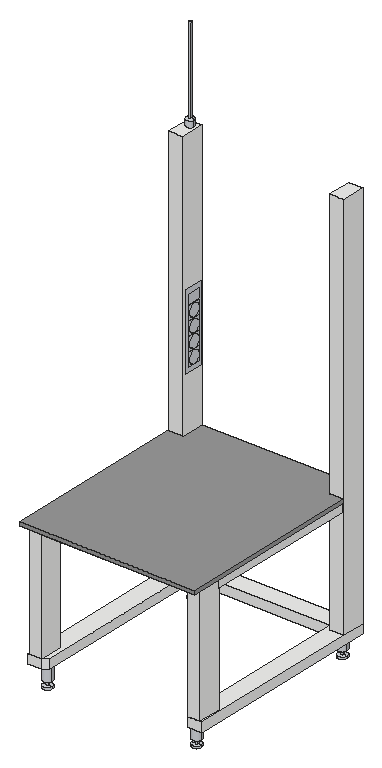
Revit family "HPLC_BARCELONA", category Furniture, Revit 2021
Family settings
  OmniClass Number = 23.40.20.00
  OmniClass Title = General Furniture and Specialties
  Work Plane-Based = No
  Always vertical = Yes
  Cut with Voids When Loaded = No
  Shared = No
  Room Calculation Point = No
Parameters (values of type "HPLCB-7590618")
  WT_THICK = 16 mm
  WT_MATERIAL = Plástico, blanco opaco
  WTheight_real = WTheight_nominal - 16 mm  # 634 mm
  WTheight_nominal = 650 mm
  URL = "https://ibr-innovasystem.com/PRODUCTS/WSHPLCBARCELONA"
  UB_SHELF [instance] = no
  UBS_9 [instance] = and(FIXED, UB_SHELF, Length = 900 mm)  # no
  UBS_7 [instance] = and(FIXED, UB_SHELF, Length = 750 mm)  # no
  UBS_15 [instance] = and(FIXED, UB_SHELF, Length = 1500 mm)  # no
  UBS_12 [instance] = and(FIXED, UB_SHELF, Length = 1200 mm)  # no
  SHELF_PROJECTION [instance] = if(or(SHELF_LEVEL_1, SHELF_LEVEL_2, RETAINING_SHELF), 1 = 1, 1 = 0)  # no
  SH3-7 [instance] = and(RETAINING_SHELF, Length = 750 mm)  # no
  RETAINING_SHELF [instance] = no
  SHELF_LEVEL_2 = no
  SHELF_LEVEL_1 = no
  SH3-9 [instance] = and(RETAINING_SHELF, Length = 900 mm)  # no
  SH3-15 [instance] = and(RETAINING_SHELF, Length = 1500 mm)  # no
  SH3-12 [instance] = and(RETAINING_SHELF, Length = 1200 mm)  # no
  SH2-9 = and(SHELF_LEVEL_2, Length = 900 mm)  # no
  SH2-15 = and(SHELF_LEVEL_2, Length = 1500 mm)  # no
  SH2-12 = and(SHELF_LEVEL_2, Length = 1200 mm)  # no
  SH1-9 = and(SHELF_LEVEL_1, Length = 900 mm)  # no
  SH1-15 = and(SHELF_LEVEL_1, Length = 1500 mm)  # no
  SH1-12 = and(SHELF_LEVEL_1, Length = 1200 mm)  # no
  RIGHT_POWER_SUPPLY [instance] = not(LEFT_POWER_SUPPLY)  # no
  Model = ""
  MARINE_EDGE = no
  Length = 750 mm
  LOW_TAG = if(WTheight_nominal < 900 mm, 1 = 1, 1 = 0)  # yes
  LEVELING_FEET [instance] = not(COMBI_CASTOR_FOOT)  # yes
  LEFT_POWER_SUPPLY [instance] = yes
  Manufacturer = "IBR Innovasystem"
  HA_MARINE_EDGE = and(HA, MARINE_EDGE)  # no
  HA_HEIGHT_CORRECTED [instance] = if(and(HA_HEIGHT < 1201 mm, HA_HEIGHT > 699 mm), HA_HEIGHT, 900 mm)  # 900 mm
  HA_HEIGHT [instance] = 900 mm
  HA = not(FIXED)  # no
  FX_MARINE_EDGE = and(FIXED, MARINE_EDGE)  # no
  COMBI_CASTOR_FOOT [instance] = no
  FIXED = yes
  Description = "HPLC Bench Barcelona 750x900x650/1800, 8xElectrical Outlets (Type TBD per project)"
  Depth = 900 mm
  Default Elevation = 0 mm
  Cost = 0
  CUTOUT_SIDES_CHECK = and(CUTOUT_SIDES, not(CER))  # no
  CUTOUT_SIDES = no
  CUTOUT_CENTER_CHECK = and(CUTOUT_CENTER, not(CER))  # no
  CUTOUT_CENTER = no
  COLUMN_H = 1800 mm
  CER = no
  BSP-9 = and(BS_PASSTHROUGH, Length = 900 mm)  # no
  BSP-15 = and(BS_PASSTHROUGH, Length = 1500 mm)  # no
  BS_PASSTHROUGH = no
  BS-9 = and(BS, Length = 900 mm)  # no
  BS-15 = and(BS, Length = 1500 mm)  # no
  BS = no
  BREAKER_SET [instance] = no
  ASSEMBLY_ID [instance] = ""
Types (32, lengths in mm): name | WTheight_real | WTheight_nominal | Length | Description | Depth | COLUMN_H
  HPLCB-1575718 | 734 | 750 | 1500 | "HPLC Bench Barcelona 1500x750x750/1800, 8xElectrical Outlets (Type TBD per project)" | 750 | 1800
  HPLCB-1575716 | 734 | 750 | 1500 | "HPLC Bench Barcelona 1500x750x750/1570, 8xElectrical Outlets (Type TBD per project)" | 750 | 1570
  HPLCB-1275718 | 734 | 750 | 1200 | "HPLC Bench Barcelona 1200x750x750/1800, 8xElectrical Outlets (Type TBD per project)" | 750 | 1800
  HPLCB-1275716 | 734 | 750 | 1200 | "HPLC Bench Barcelona 1200x750x750/1570, 8xElectrical Outlets (Type TBD per project)" | 750 | 1570
  HPLCB-0975716 | 734 | 750 | 900 | "HPLC Bench Barcelona 900x750x750/1570, 8xElectrical Outlets (Type TBD per project)" | 750 | 1570
  HPLCB-0975718 | 734 | 750 | 900 | "HPLC Bench Barcelona 900x750x750/1800, 8xElectrical Outlets (Type TBD per project)" | 750 | 1800
  HPLCB-7575718 | 734 | 750 | 750 | "HPLC Bench Barcelona 750x750x750/1800, 8xElectrical Outlets (Type TBD per project)" | 750 | 1800
  HPLCB-7575716 | 734 | 750 | 750 | "HPLC Bench Barcelona 750x750x750/1570, 8xElectrical Outlets (Type TBD per project)" | 750 | 1570
  HPLCB-1590718 | 734 | 750 | 1500 | "HPLC Bench Barcelona 1500x900x750/1800, 8xElectrical Outlets (Type TBD per project)" | 900 | 1800
  HPLCB-1590716 | 734 | 750 | 1500 | "HPLC Bench Barcelona 1500x900x750/1570, 8xElectrical Outlets (Type TBD per project)" | 900 | 1570
  HPLCB-1290716 | 734 | 750 | 1200 | "HPLC Bench Barcelona 1200x900x750/1570, 8xElectrical Outlets (Type TBD per project)" | 900 | 1570
  HPLCB-1290718 | 734 | 750 | 1200 | "HPLC Bench Barcelona 1200x900x750/1800, 8xElectrical Outlets (Type TBD per project)" | 900 | 1800
  HPLCB-0990718 | 734 | 750 | 900 | "HPLC Bench Barcelona 900x900x750/1800, 8xElectrical Outlets (Type TBD per project)" | 900 | 1800
  HPLCB-0990716 | 734 | 750 | 900 | "HPLC Bench Barcelona 900x900x750/1570, 8xElectrical Outlets (Type TBD per project)" | 900 | 1570
  HPLCB-7590716 | 734 | 750 | 750 | "HPLC Bench Barcelona 750x900x750/1570, 8xElectrical Outlets (Type TBD per project)" | 900 | 1570
  HPLCB-7590718 | 734 | 750 | 750 | "HPLC Bench Barcelona 750x900x750/1800, 8xElectrical Outlets (Type TBD per project)" | 900 | 1800
  HPLCB-1575618 | 634 | 650 | 1500 | "HPLC Bench Barcelona 1500x750x650/1800, 8xElectrical Outlets (Type TBD per project)" | 750 | 1800
  HPLCB-1575616 | 634 | 650 | 1500 | "HPLC Bench Barcelona 1500x750x650/1570, 8xElectrical Outlets (Type TBD per project)" | 750 | 1570
  HPLCB-1275616 | 634 | 650 | 1200 | "HPLC Bench Barcelona 1200x750x650/1570, 8xElectrical Outlets (Type TBD per project)" | 750 | 1570
  HPLCB-1275618 | 634 | 650 | 1200 | "HPLC Bench Barcelona 1200x750x650/1800, 8xElectrical Outlets (Type TBD per project)" | 750 | 1800
  HPLCB-0975618 | 634 | 650 | 900 | "HPLC Bench Barcelona 900x750x650/1800, 8xElectrical Outlets (Type TBD per project)" | 750 | 1800
  HPLCB-0975616 | 634 | 650 | 900 | "HPLC Bench Barcelona 900x750x650/1570, 8xElectrical Outlets (Type TBD per project)" | 750 | 1570
  HPLCB-7575616 | 634 | 650 | 750 | "HPLC Bench Barcelona 750x750x650/1570, 8xElectrical Outlets (Type TBD per project)" | 750 | 1570
  HPLCB-7575618 | 634 | 650 | 750 | "HPLC Bench Barcelona 750x750x650/1800, 8xElectrical Outlets (Type TBD per project)" | 750 | 1800
  HPLCB-1590618 | 634 | 650 | 1500 | "HPLC Bench Barcelona 1500x900x650/1800, 8xElectrical Outlets (Type TBD per project)" | 900 | 1800
  HPLCB-1590616 | 634 | 650 | 1500 | "HPLC Bench Barcelona 1500x900x650/1570, 8xElectrical Outlets (Type TBD per project)" | 900 | 1570
  HPLCB-1290616 | 634 | 650 | 1200 | "HPLC Bench Barcelona 1200x900x650/1570, 8xElectrical Outlets (Type TBD per project)" | 900 | 1570
  HPLCB-1290618 | 634 | 650 | 1200 | "HPLC Bench Barcelona 1200x900x650/1800, 8xElectrical Outlets (Type TBD per project)" | 900 | 1800
  HPLCB-0990618 | 634 | 650 | 900 | "HPLC Bench Barcelona 900x900x650/1800, 8xElectrical Outlets (Type TBD per project)" | 900 | 1800
  HPLCB-0990616 | 634 | 650 | 900 | "HPLC Bench Barcelona 900x900x650/1570, 8xElectrical Outlets (Type TBD per project)" | 900 | 1570
  HPLCB-7590616 | 634 | 650 | 750 | "HPLC Bench Barcelona 750x900x650/1570, 8xElectrical Outlets (Type TBD per project)" | 900 | 1570
  HPLCB-7590618 | 634 | 650 | 750 | "HPLC Bench Barcelona 750x900x650/1800, 8xElectrical Outlets (Type TBD per project)" | 900 | 1800
Reference planes
  plane 1 "Center (Front/Back)": y = 0
  plane 2: z = 0
  plane 3 "Center (Left/Right)": x = 0
  plane 4: x = 375
  plane 5: x = -375
  plane 6: y = -900
  plane 7: x = -315
  plane 8: y = -100
  plane 9: x = 315
  plane 10: y = -150
  plane 11: z = 87
  plane 12: z = 634
  plane 13: z = 1800
  plane 14: z = 650
  plane 15 "EJE_EL": y = -26
  plane 16: z = 127
  plane 17: x = -365
  plane 18: z = 604
  plane 19: z = 594
  plane 20: x = -320
  plane 21: y = -820
  plane 22: y = -40
  plane 23: z = 1750
  plane 24: x = 320
  plane 25: x = -75
  plane 26: y = -600
  plane 27: z = 884
  plane 28: z = 520
  plane 29: z = 1830
  plane 30: z = 2000
  plane 31: y = -50
  plane 32: x = -288.333
  plane 33: x = -261.667
  plane 34: x = -235
  plane 35: x = -345
  plane 36: x = 345
  plane 37: y = -160
Forms (mm)
  Extrusion 1, solid, material "Plástico, blanco opaco" <- "WT_MATERIAL", visible <- "FIXED"
    sketch origin (0, 0, 0) x (1, 0, 0) y (0, 1, 0)
      loop
        line (-375, -900) -> (375, -900) -> (375, -100) -> (315, -100) -> (315, 0) -> (-315, 0) -> (-315, -100) -> (-375, -100) -> (-375, -900)
    from 634 to 650
  Sweep 2, solid, visible <- "FX_MARINE_EDGE"
    path origin (0, 0, 0) x (1, 0, 0) y (0, 1, 0)
      loop
        line (-375, -100) -> (-375, -900) -> (375, -900) -> (375, -100) -> (315, -100) -> (315, 0) -> (-315, 0) -> (-315, -100) -> (-375, -100)
    profile origin (-375, -500, 0) x (1, 0, 0) y (0, 0, 1)
      loop
        line (0, 650) -> (35, 650) -> (28, 657) -> (0, 657) -> (0, 650)
  Extrusion 3, solid, material "Plastic, Opaque White"
    sketch origin (0, 0, 0) x (1, 0, 0) y (0, 1, 0)
      loop
        line (375, 0) -> (295, 0) -> (295, -840) -> (315, -860) -> (375, -860) -> (375, 0)
      loop
        line (-375, 0) -> (-375, -860) -> (-315, -860) -> (-295, -840) -> (-295, 0) -> (-375, 0)
    from 87 to 127
  Extrusion 4, solid, material "Plastic, Opaque White"
    sketch origin (0, 0, 0) x (1, 0, 0) y (0, 1, 0)
      loop
        line (-315, 0) -> (-315, -80) -> (315, -80) -> (315, 0) -> (-315, 0)
    from 87 to 127
  Extrusion 5, solid, material "Plastic, Opaque White", visible <- "FIXED"
    sketch origin (0, 0, 0) x (1, 0, 0) y (0, 1, 0)
      loop
        line (-365, -860) -> (-315, -860) -> (-315, -760) -> (-365, -760) -> (-365, -860)
      loop
        line (365, -860) -> (365, -760) -> (315, -760) -> (315, -860) -> (365, -860)
    from 127 to 634
  Extrusion 6, solid, material "Plastic, Opaque White", visible <- "FIXED"
    sketch origin (0, 0, 0) x (1, 0, 0) y (0, 1, 0)
      loop
        line (-365, -100) -> (-365, -760) -> (-315, -760) -> (-315, -100) -> (-365, -100)
      loop
        line (365, -100) -> (315, -100) -> (315, -760) -> (365, -760) -> (365, -100)
    from 594 to 634
  Extrusion 7, solid, material "Plastic, Opaque White", visible <- "FIXED"
    sketch origin (0, 0, 0) x (1, 0, 0) y (0, 1, 0)
      loop
        line (-315, -860) -> (315, -860) -> (315, -820) -> (-315, -820) -> (-315, -860)
    from 604 to 634
  Extrusion 8, solid, material "Plastic, Opaque White"
    sketch origin (0, 0, 0) x (1, 0, 0) y (0, 1, 0)
      loop
        line (-315, 0) -> (-315, -60) -> (315, -60) -> (315, 0) -> (-315, 0)
    from 594 to 634
  Extrusion 9, solid, material "Plastic, Opaque White"
    sketch origin (0, 0, 0) x (1, 0, 0) y (0, 1, 0)
      loop
        line (-315, 0) -> (-375, 0) -> (-375, -100) -> (-315, -100) -> (-315, 0)
      loop
        line (315, 0) -> (315, -100) -> (375, -100) -> (375, 0) -> (315, 0)
    from 127 to 1800
  Extrusion 10, solid, material "Glass", visible <- "BS"
    sketch origin (0, 0, 0) x (1, 0, 0) y (0, 0, 1)
      loop
        line (-315, 1750) -> (-315, 650) -> (315, 650) -> (315, 1750) -> (-315, 1750)
    from 0 to 6
  Extrusion 11, void
    sketch origin (0, 0, 0) x (1, 0, 0) y (0, 0, 1)
      loop
        line (-315, 1750) -> (-315, 1700) -> (-265, 1750) -> (-315, 1750)
      loop
        line (315, 1750) -> (265, 1750) -> (315, 1700) -> (315, 1750)
    from 0 to 6
  Extrusion 12, void
    sketch origin (0, -5, 0) x (1, 0, 0) y (0, 1, 0)
      loop
        circle (0, -95) r 20
      loop
        circle (0, -805) r 10
    from 650 to 750
Cuts and joins
  Extrusion 11 cuts Extrusion 10
  Extrusion 12 cuts Extrusion 1
Lines and regions (mm)
  symbolic lines, visible <- "SHELF_PROJECTION"
    curve 1: line (-315, 0, 0) -> (-315, -160, 0)
    curve 2: line (-315, -160, 0) -> (315, -160, 0)
    curve 3: line (315, -160, 0) -> (315, 0, 0)
    curve 4: line (315, 0, 0) -> (-315, 0, 0)
  symbolic lines, style "Furniture", visible <- "HA"
    curve 5: line (375, 0, 0) -> (375, -900, 0)
    curve 6: line (-375, 0, 0) -> (-375, -900, 0)
  symbolic lines, style "FurnitureHiddenLines", visible <- "FX_MARINE_EDGE"
    curve 7: line (385, 0, 0) -> (385, -900, 0)
    curve 8: line (-385, 0, 0) -> (-385, -900, 0)
  symbolic lines, visible <- "HA"
    curve 9: line (-375, -900, 0) -> (-320, -900, 0)
    curve 10: line (320, -900, 0) -> (375, -900, 0)
    curve 12: line (-315, -100, 0) -> (315, -100, 0)
  model lines
    curve 11: line (315, 0, 0) -> (-315, 0, 0)
  symbolic lines, style "Furniture"
    curve 13: line (-375, -100, 0) -> (-375, -900, 0)
    curve 14: line (375, -900, 0) -> (375, -100, 0)
    curve 15: line (-375, -900, 0) -> (375, -900, 0)
  symbolic lines, visible <- "SHELF_LEVEL_1"
    curve 16: line (-288.333, -100, 0) -> (-288.333, -71.25, 0)
  symbolic lines, visible <- "SHELF_LEVEL_2"
    curve 17: line (-261.667, -97.666, 0) -> (-261.667, -122.831, 0)
    curve 19: line (-288.333, -122.831, 0) -> (-288.333, -97.666, 0)
  symbolic lines, visible <- "RETAINING_SHELF"
    curve 18: line (-235, -129.247, 0) -> (-235, -154.247, 0)
    curve 20: line (-288.333, -154.247, 0) -> (-288.333, -129.247, 0)
    curve 21: line (-261.667, -129.247, 0) -> (-261.667, -154.247, 0)
  symbolic lines, visible <- "LEFT_POWER_SUPPLY"
    curve 22: circle (-345, -26, 0) r 15 normal (0, 0, 1)
    curve 23: circle (-345, -26, 0) r 5 normal (0, 0, 1)
  symbolic lines, visible <- "RIGHT_POWER_SUPPLY"
    curve 24: circle (345, -26, 0) r 15 normal (0, 0, 1)
    curve 25: circle (345, -26, 0) r 5 normal (0, 0, 1)
Dimensions and locks
  equal spacing: plane 5, plane 3 "Center (Left/Right)", plane 4
  plane 11 to level = 87 mm
  "COLUMN_H": plane 13 to level
  "WTheight_real": plane 12 to level
  "WT_THICK": plane 14 to plane 12
  Sweep 2 sketch curve to Sweep 2 sketch curve = 7 mm
  profile plane to Sweep 2 sketch curve = 28 mm
  plane 1 "Center (Front/Back)" to plane 15 "EJE_EL" to plane 10 = 26 mm, 124 mm
  locked: Extrusion 3 sketch curve to Extrusion 3 sketch curve at 80  (x2)
  locked: Extrusion 3 sketch curve to Extrusion 3 sketch curve at 20  (x2)
  plane 11 to plane 16 to plane 12 = 40 mm, 507 mm
  "Depth": plane 1 "Center (Front/Back)" to plane 6
  plane 1 "Center (Front/Back)" to plane 8 = 100 mm
  "Length": plane 5 to plane 4
  locked: Extrusion 3 sketch curve to plane 6 at 40
  equal spacing: curve 4, Extrusion 4 sketch curve, curve 2
  locked: plane 5 to plane 17 at 10
  locked: Extrusion 5 sketch curve to Extrusion 5 sketch curve at 100  (x2)
  locked: Extrusion 5 sketch curve to Extrusion 5 sketch curve at 50  (x2)
  locked: plane 12 to plane 18 at 30
  locked: plane 12 to plane 19 at 40
  locked: Extrusion 7 sketch curve to Extrusion 7 sketch curve at 40
  locked: Sweep 2 to Extrusion 8 sketch curve at 60
  locked: plane 5 to plane 20 at 55
  locked: plane 1 "Center (Front/Back)" to plane 22 at 40
  locked: plane 23 to level at 1750
  locked: plane 21 to plane 6 at 80
  locked: plane 24 to plane 4 at 55
  locked: plane 5 to curve 8 at 10
  locked: plane 4 to curve 7 at 10
  locked: plane 5 to plane 25 at 300
  locked: plane 26 to plane 6 at 300
  locked: plane 5 to plane 7 at 60
  plane 9 to plane 4 = 60 mm
  plane 27 to plane 12 = 250 mm
  locked: plane 28 to level at 520
  locked: plane 29 to plane 13 at 30
  locked: plane 30 to plane 13 at 200
  locked: plane 31 to plane 1 "Center (Front/Back)" at 50
  locked: plane 5 to plane 35 at 30
  locked: plane 7 to plane 32 at 26.667
  locked: plane 32 to plane 33 at 26.667
  locked: plane 33 to plane 34 at 26.667
  locked: plane 36 to plane 4 at 30
  locked: plane 37 to plane 1 "Center (Front/Back)" at 160
  aligned and locked: level to plane 2
  aligned and locked: plane 14 to Extrusion 1
  aligned and locked: Extrusion 1 to plane 12
  aligned and locked: Sweep 2 to plane 14
  aligned and locked: plane 3 "Center (Left/Right)" to nested 1
  aligned and locked: Extrusion 3 to plane 11
  aligned and locked: plane 11 to Extrusion 3
  aligned and locked: plane 16 to Extrusion 3
  aligned and locked: plane 7 to Extrusion 4 sketch curve
  aligned and locked: Extrusion 4 sketch curve to plane 9
  aligned and locked: plane 1 "Center (Front/Back)" to Extrusion 4 sketch curve
  aligned and locked: Extrusion 4 to plane 11
  aligned and locked: plane 16 to Extrusion 4
  aligned and locked: Extrusion 3 to Extrusion 5 sketch curve
  aligned and locked: Extrusion 5 sketch curve to plane 17
  aligned and locked: Extrusion 5 to plane 16
  aligned and locked: plane 12 to Extrusion 5
  aligned and locked: plane 8 to Extrusion 6 sketch curve
  aligned and locked: Extrusion 6 sketch curve to Extrusion 5  (x2)
  aligned and locked: plane 17 to Extrusion 6 sketch curve
  aligned and locked: plane 12 to Extrusion 6
  aligned and locked: plane 19 to Extrusion 6
  aligned and locked: Extrusion 3 to Extrusion 7 sketch curve
  aligned and locked: Extrusion 7 sketch curve to Extrusion 5  (x2)
  aligned and locked: plane 12 to Extrusion 7
  aligned and locked: plane 18 to Extrusion 7
  aligned and locked: plane 7 to Extrusion 8 sketch curve
  aligned and locked: Extrusion 8 sketch curve to plane 9
  aligned and locked: plane 1 "Center (Front/Back)" to Extrusion 8 sketch curve
  aligned and locked: plane 12 to Extrusion 8
  aligned and locked: plane 19 to Extrusion 8
  aligned and locked: plane 7 to Extrusion 9 sketch curve
  aligned and locked: Extrusion 9 sketch curve to plane 5
  aligned and locked: plane 8 to Extrusion 9 sketch curve
  aligned and locked: Extrusion 9 sketch curve to plane 1 "Center (Front/Back)"
  aligned and locked: Extrusion 9 to plane 16
  aligned and locked: plane 13 to Extrusion 9
  aligned and locked: plane 20 to nested 3
  aligned and locked: nested 3 to plane 21
  aligned and locked: plane 20 to nested 4
  aligned and locked: nested 4 to plane 22
  aligned and locked: nested 6 to plane 24
  aligned and locked: nested 5 to plane 24
  aligned and locked: plane 21 to nested 5
  aligned and locked: plane 3 "Center (Left/Right)" to nested 7
  aligned and locked: plane 3 "Center (Left/Right)" to nested 8
  aligned and locked: plane 25 to nested 9
  aligned and locked: nested 9 to plane 26
  aligned and locked: curve 6 to plane 5
  aligned and locked: plane 24 to curve 10
  aligned and locked: plane 4 to curve 10
  aligned and locked: curve 10 to plane 6
  aligned and locked: plane 5 to curve 9
  aligned and locked: plane 20 to curve 9
  aligned and locked: curve 9 to plane 6
  aligned and locked: plane 25 to nested 10
  aligned and locked: nested 10 to plane 26
  aligned and locked: plane 3 "Center (Left/Right)" to nested 11
  aligned and locked: plane 3 "Center (Left/Right)" to nested 12
  aligned and locked: plane 1 "Center (Front/Back)" to nested 12
  aligned and locked: plane 1 "Center (Front/Back)" to nested 11
  aligned and locked: plane 4 to Extrusion 3
  aligned and locked: nested 15 to plane 27
  aligned and locked: nested 14 to plane 27
  aligned and locked: plane 28 to nested 16
  aligned and locked: plane 28 to nested 13
  aligned and locked: plane 7 to nested 16
  aligned and locked: nested 13 to plane 9
  aligned and locked: nested 14 to plane 9
  aligned and locked: plane 7 to nested 15
  aligned and locked: plane 31 to nested 16
  aligned and locked: plane 31 to nested 15
  aligned and locked: nested 13 to plane 31
  aligned and locked: nested 14 to plane 31
  aligned and locked: plane 3 "Center (Left/Right)" to nested 17
  aligned and locked: nested 18 to plane 21
  aligned and locked: nested 20 to plane 22
  aligned and locked: nested 21 to plane 22
  aligned and locked: nested 19 to plane 21
  aligned and locked: plane 20 to nested 21
  aligned and locked: plane 20 to nested 19
  aligned and locked: nested 20 to plane 24
  aligned and locked: nested 18 to plane 24
  aligned and locked: plane 32 to curve 19
  aligned and locked: plane 32 to curve 20
  aligned and locked: curve 21 to plane 33
  aligned and locked: plane 7 to nested 22
  aligned and locked: plane 31 to nested 22
  aligned and locked: plane 28 to nested 22
  aligned and locked: plane 15 "EJE_EL" to nested 23
  aligned and locked: plane 35 to nested 23
  aligned and locked: plane 15 "EJE_EL" to nested 24
  aligned and locked: plane 36 to nested 24
  aligned and locked: nested 24 to plane 13
  aligned and locked: nested 23 to plane 13
  aligned and locked: plane 1 "Center (Front/Back)" to nested 1
  aligned and locked: plane 1 "Center (Front/Back)" to nested 7
  aligned and locked: plane 1 "Center (Front/Back)" to nested 8
  aligned and locked: curve 2 to plane 37
  aligned and locked: curve 12 to Extrusion 12
  aligned and locked: plane 13 to nested 1
  aligned and locked: plane 13 to nested 7
  aligned and locked: plane 13 to nested 25
  aligned and locked: plane 13 to nested 8
  aligned and locked: plane 1 "Center (Front/Back)" to nested 25
  aligned and locked: plane 3 "Center (Left/Right)" to nested 26
  aligned and locked: plane 22 to nested 26
Automatic sketch dimensions
  Extrusion 1 sketch curve to plane 5 = 0 mm
  plane 1 "Center (Front/Back)" to Extrusion 1 sketch curve = 0 mm
  Extrusion 1 sketch curve to plane 7 = 0 mm
  Extrusion 1 sketch curve to plane 9 = 0 mm
  Extrusion 1 sketch curve to plane 4 = 0 mm
  Extrusion 1 sketch curve to plane 6 = 0 mm
  Extrusion 1 sketch curve to plane 8 = 0 mm
  plane 8 to Extrusion 1 sketch curve = 0 mm
  Sweep 2 sketch curve to plane 5 = 0 mm
  plane 1 "Center (Front/Back)" to Sweep 2 sketch curve = 0 mm
  Sweep 2 sketch curve to plane 7 = 0 mm
  plane 8 to Sweep 2 sketch curve = 0 mm
  Sweep 2 sketch curve to plane 9 = 0 mm
  Sweep 2 sketch curve to plane 4 = 0 mm
  Sweep 2 sketch curve to plane 6 = 0 mm
  Sweep 2 sketch curve to plane 8 = 0 mm
  profile plane to Sweep 2 sketch curve = 0 mm
  Sweep 2 sketch curve to Sweep 2 sketch curve = 7 mm
  level to Sweep 2 sketch curve = 650 mm
  Extrusion 3 sketch curve to plane 5 = 0 mm
  plane 1 "Center (Front/Back)" to Extrusion 3 sketch curve = 0 mm  (x2)
  Extrusion 3 sketch curve to plane 9 = 20 mm
  plane 20 to Extrusion 3 sketch curve = 5 mm
  plane 24 to Extrusion 3 sketch curve = 5 mm
  plane 6 to Extrusion 3 sketch curve = 40 mm
  plane 24 to Extrusion 5 sketch curve = 5 mm
  plane 6 to Extrusion 5 sketch curve = 40 mm
  plane 8 to Extrusion 6 sketch curve = 0 mm
  plane 24 to Extrusion 6 sketch curve = 5 mm
  Extrusion 6 sketch curve to plane 4 = 10 mm
  plane 21 to Extrusion 6 sketch curve = 60 mm
  plane 1 "Center (Front/Back)" to Extrusion 9 sketch curve = 0 mm
  Extrusion 9 sketch curve to plane 9 = 0 mm
  Extrusion 9 sketch curve to plane 4 = 0 mm
  plane 8 to Extrusion 9 sketch curve = 0 mm
  Extrusion 10 sketch curve to plane 7 = 0 mm
  Extrusion 10 sketch curve to plane 9 = 0 mm
  Extrusion 10 sketch curve to plane 14 = 0 mm
  Extrusion 10 sketch curve to plane 23 = 0 mm
  Extrusion 11 sketch curve to plane 7 = 0 mm
  Extrusion 11 sketch curve to plane 23 = 0 mm  (x2)
  Extrusion 11 sketch curve to plane 9 = 0 mm
  plane 7 to Extrusion 11 sketch curve = 50 mm
  Extrusion 11 sketch curve to Extrusion 11 sketch curve = 50 mm
  Extrusion 11 sketch curve to plane 23 = 50 mm  (x2)
  curve 22 to curve 23 = 0 mm  (x2)
  curve 24 to curve 25 = 0 mm  (x2)
  plane 15 "EJE_EL" to curve 23 = 0 mm
  curve 23 to plane 35 = 0 mm
  plane 1 "Center (Front/Back)" to curve 11 = 0 mm
  curve 11 to plane 7 = 0 mm
  curve 16 to plane 32 = 0 mm
  curve 17 to plane 33 = 0 mm
  curve 18 to plane 34 = 0 mm
  curve 3 to plane 9 = 0 mm
  plane 15 "EJE_EL" to curve 24 = 0 mm
  curve 24 to plane 36 = 0 mm
  curve 8 to plane 6 = 0 mm
  curve 7 to plane 6 = 0 mm
  plane 8 to curve 13 = 0 mm
  plane 8 to curve 14 = 0 mm
  plane 1 "Center (Front/Back)" to curve 8 = 0 mm
  plane 1 "Center (Front/Back)" to curve 7 = 0 mm
  plane 1 "Center (Front/Back)" to curve 6 = 0 mm
  plane 1 "Center (Front/Back)" to curve 5 = 0 mm
  plane 37 to curve 18 = 5.753 mm
  plane 37 to curve 21 = 5.753 mm
  plane 37 to curve 20 = 5.753 mm
  curve 18 to plane 10 = 20.753 mm
  curve 21 to plane 10 = 20.753 mm
  curve 20 to plane 10 = 20.753 mm
  curve 21 to curve 17 = 6.416 mm
  curve 20 to curve 19 = 6.416 mm
  plane 8 to curve 17 = 2.334 mm
  plane 8 to curve 19 = 2.334 mm
  plane 8 to curve 16 = 28.75 mm
  Extrusion 12 sketch curve to plane 3 "Center (Left/Right)" = 0 mm  (x2)
  plane 21 to Extrusion 12 sketch curve = 10 mm
  plane 8 to Extrusion 12 sketch curve = 0 mm
  radius of curve 22 = 15 mm
  radius of curve 23 = 5 mm
  radius of curve 24 = 15 mm
  radius of curve 25 = 5 mm
  radius of Extrusion 12 sketch curve = 20 mm
  radius of Extrusion 12 sketch curve = 10 mm
Nested families
  nested 1: "RETAINING_SHELF" at (0, 0, 1690), visible <- "SH3-15", ASSEMBLY_ID <- "ASSEMBLY_ID", type "SH-OB-1516-02"
  nested 2: "EL_230V" at (-560.248, -100, 0), type "EL_230V"
  nested 3: "foot_master" at (-320, -820, 0), visible <- "COMBI_CASTOR_FOOT", ASSEMBLY_ID <- "ASSEMBLY_ID", type "COMBI_CASTOR_FOOT"
  nested 4: "foot_master" at (-320, -40, 0), visible <- "COMBI_CASTOR_FOOT", ASSEMBLY_ID <- "ASSEMBLY_ID", type "COMBI_CASTOR_FOOT"
  nested 5: "foot_master" at (320, -820, 0) x (-1, 0, 0) z (0, 0, 1), visible <- "COMBI_CASTOR_FOOT", ASSEMBLY_ID <- "ASSEMBLY_ID", type "COMBI_CASTOR_FOOT"
  nested 6: "foot_master" at (320, -40, 0) x (-1, 0, 0) z (0, 0, 1), visible <- "COMBI_CASTOR_FOOT", ASSEMBLY_ID <- "ASSEMBLY_ID", type "COMBI_CASTOR_FOOT"
  nested 7: "RETAINING_SHELF" at (0, 0, 1690), visible <- "SH3-12", ASSEMBLY_ID <- "ASSEMBLY_ID", type "SH-OB-1216-02"
  nested 8: "RETAINING_SHELF" at (0, 0, 1690), visible <- "SH3-9", ASSEMBLY_ID <- "ASSEMBLY_ID", type "SH-OB-0916-02"
  nested 9: "CHAIR_TAG" at (-75, -600, 0), visible <- "LOW_TAG", type "CHAIR_TAG"
  nested 10: "CHAIR_TAG" at (-75, -600, 0), visible <- "HA", type "HA"
  nested 11: "UNDERBENCH_SHELF" at (0, 0, 0), visible <- "UBS_9", ASSEMBLY_ID <- "ASSEMBLY_ID", type "SH-UBR-0975-02"
  nested 12: "UNDERBENCH_SHELF" at (0, 0, 0), visible <- "UBS_15", ASSEMBLY_ID <- "ASSEMBLY_ID", type "SH-UBR-1575-02"
  nested 13: "enchufe_dg" at (315, -50, 416) x (0, -1, 0) z (0, 0, 1), type "1gang"
  nested 14: "enchufe_dg" at (315, -50, 884) x (0, -1, 0) z (0, 0, 1), type "4gang-blind"
  nested 15: "enchufe_dg" at (-315, -50, 884) x (0, 1, 0) z (0, 0, 1), type "4gang-blind"
  nested 16: "enchufe_dg" at (-315, -50, 416) x (0, 1, 0) z (0, 0, 1), type "1gang"
  nested 17: "UNDERBENCH_SHELF" at (0, 0, 0), ASSEMBLY_ID <- "ASSEMBLY_ID", visible <- "UBS_12", type "SH-UBR-1275-02"
    with ASSEMBLY_ID ""
  nested 18: "pata_WS" at (320, -820, 0), visible <- "LEVELING_FEET", type "pata_WS"
  nested 19: "pata_WS" at (-320, -820, 0), visible <- "LEVELING_FEET", type "pata_WS"
  nested 20: "pata_WS" at (320, -40, 0), visible <- "LEVELING_FEET", type "pata_WS"
  nested 21: "pata_WS" at (-320, -40, 0), visible <- "LEVELING_FEET", type "pata_WS"
  nested 22: "enchufe_dg_BRK_SHARED" at (-315, -50, 296) x (0, 1, 0) z (0, 0, 1), visible <- "BREAKER_SET", ASSEMBLY_ID <- "ASSEMBLY_ID", type "BREAKER_SET"
    with ASSEMBLY_ID ""
  nested 23: "CONEXION_TECHO" at (-345, -26, 1800), visible <- "LEFT_POWER_SUPPLY", ASSEMBLY_ID <- "ASSEMBLY_ID", type "CEILING_POWER_CABLE_LEFT"
  nested 24: "CONEXION_TECHO" at (345, -26, 1800), visible <- "RIGHT_POWER_SUPPLY", ASSEMBLY_ID <- "ASSEMBLY_ID", type "CEILING_POWER_CABLE_RIGHT"
  nested 25: "RETAINING_SHELF" at (0, 0, 1690), visible <- "SH3-7", ASSEMBLY_ID <- "ASSEMBLY_ID", type "SH-OB-7516-02"
  nested 26: "UNDERBENCH_SHELF" at (0, 0, 0), ASSEMBLY_ID <- "ASSEMBLY_ID", visible <- "UBS_7", type "SH-UBR-7575-02"
    with ASSEMBLY_ID ""
Definition of nested family "RETAINING_SHELF"
  Parameters (values of type "SH-OB-7516-02")
    URL = "https://ibr-innovasystem.com/PRODUCTS/ACCESORYRETAININGSHELF"
    Model = ""
    Manufacturer = "IBR Innovasystem"
    LEGTH = 622 mm
    Description = "Overhead Retaining Shelf for WS HPLC Barcelona 750, 160mm Deep"
    Default Elevation = 0 mm
    ASSEMBLY_ID [instance] = ""
  Types (8, lengths in mm): name | Manufacturer | LEGTH | Description
    SH-OHR-1516-02 | "IBR Innovasystem" | 1332 | "Overhead Retaining Shelf for WS HPLC Cambridge 1500, 160mm Deep"
    SH-OHR-7516-02 | "IBR-Innovasystem" | 582 | "Overhead Retaining Shelf for WS HPLC Cambridge 750, 160mm Deep"
    SH-OHR-1216-02 | "IBR Innovasystem" | 1032 | "Overhead Retaining Shelf for WS HPLC Cambridge 1200, 160mm Deep"
    SH-OHR-0916-02 | "IBR Innovasystem" | 732 | "Overhead Retaining Shelf for WS HPLC Cambridge 900, 160mm Deep"
    SH-OB-1516-02 | "IBR Innovasystem" | 1372 | "Overhead Retaining Shelf for WS HPLC Barcelona 1500, 160mm Deep"
    SH-OB-1216-02 | "IBR Innovasystem" | 1072 | "Overhead Retaining Shelf for WS HPLC Barcelona 1200, 160mm Deep"
    SH-OB-0916-02 | "IBR Innovasystem" | 772 | "Overhead Retaining Shelf for WS HPLC Barcelona 900, 160mm Deep"
    SH-OB-7516-02 | "IBR Innovasystem" | 622 | "Overhead Retaining Shelf for WS HPLC Barcelona 750, 160mm Deep"
  Reference planes
    plane 1 "Center (Front/Back)": y = 0
    plane 2: z = 0
    plane 3 "Center (Left/Right)": x = 0
    plane 4: x = -313
    plane 5: x = 313
    plane 6: y = -158
    plane 7: z = 110
    plane 8: z = 22
    plane 9: y = -2
    plane 10: z = 2
    plane 11: y = -156
    plane 12: x = 311
    plane 13: x = -311
    plane 14 "suelo": z = -1000
  Forms (mm)
    Extrusion 1, solid
      sketch origin (0, 0, 0) x (0, 1, 0) y (0, 0, 1)
        loop
          line (0, 110) -> (-2, 110) -> (-2, 2) -> (-156, 2) -> (-156, 22) -> (-158, 22) -> (-158, 0) -> (0, 0) -> (0, 110)
      from -311 to 313
    Extrusion 2, solid
      sketch origin (0, 0, 0) x (0, 1, 0) y (0, 0, 1)
        loop
          line (0, 0) -> (0, 110) -> (-70, 110) -> (-158, 22) -> (-158, 0) -> (0, 0)
      from -313 to -311
    Extrusion 3, solid
      sketch origin (0, 0, 0) x (0, 1, 0) y (0, 0, 1)
        loop
          line (-70, 110) -> (-158, 22) -> (-158, 0) -> (0, 0) -> (0, 110) -> (-70, 110)
      from 311 to 313
    Extrusion 4, solid
      sketch origin (0, 0, 0) x (0, 1, 0) y (0, 0, 1)
        loop
          line (-116.018, 110) -> (-118.018, 110) -> (-118.018, 98) -> (-103.018, 98) -> (-103.018, 80) -> (-101.018, 80) -> (-101.018, 100) -> (-116.018, 100) -> (-116.018, 110)
      from -311 to 311
  Lines and regions (mm)
    symbolic lines
      curve 1: line (-311, -101.018, 0) -> (311, -101.018, 0)
  Dimensions and locks
    plane 6 to plane 1 "Center (Front/Back)" = 158 mm
    plane 1 "Center (Front/Back)" to plane 9 to plane 11 = 2 mm, 154 mm
    plane 4 to plane 13 to plane 3 "Center (Left/Right)" = 2 mm, 311 mm
    plane 3 "Center (Left/Right)" to plane 12 to plane 5 = 311 mm, 2 mm
    locked: plane 4 to plane 13 at 2
    "LEGTH": plane 13 to plane 12
    equal spacing: plane 13, plane 3 "Center (Left/Right)", plane 12
    plane 1 "Center (Front/Back)" to Extrusion 2 sketch curve = 70 mm
    aligned and locked: level to plane 2
    aligned and locked: plane 5 to Extrusion 1
    aligned and locked: plane 5 to Extrusion 3
    aligned and locked: plane 4 to Extrusion 2
    aligned and locked: plane 13 to Extrusion 2
    aligned and locked: Extrusion 3 to plane 12
    aligned and locked: Extrusion 1 to plane 13
    aligned and locked: Extrusion 4 to plane 13
    aligned and locked: plane 12 to Extrusion 4
  Automatic sketch dimensions
    Extrusion 1 sketch curve to plane 6 = 0 mm
    Extrusion 1 sketch curve to plane 10 = 0 mm
    Extrusion 1 sketch curve to plane 11 = 0 mm
    Extrusion 1 sketch curve to plane 7 = 0 mm
    Extrusion 1 sketch curve to plane 9 = 0 mm
    Extrusion 1 sketch curve to level = 0 mm
    Extrusion 1 sketch curve to plane 1 "Center (Front/Back)" = 0 mm
    Extrusion 1 sketch curve to plane 8 = 0 mm
    Extrusion 3 sketch curve to plane 6 = 0 mm
    Extrusion 3 sketch curve to plane 7 = 0 mm
    Extrusion 3 sketch curve to level = 0 mm
    Extrusion 3 sketch curve to plane 1 "Center (Front/Back)" = 0 mm
    Extrusion 3 sketch curve to plane 8 = 0 mm
    plane 9 to Extrusion 3 sketch curve = 68 mm
    Extrusion 2 sketch curve to level = 0 mm
    Extrusion 2 sketch curve to plane 6 = 0 mm
    Extrusion 2 sketch curve to plane 7 = 0 mm
    Extrusion 2 sketch curve to plane 1 "Center (Front/Back)" = 0 mm
    plane 8 to Extrusion 2 sketch curve = 0 mm
    Extrusion 4 sketch curve to plane 7 = 0 mm
    Extrusion 4 sketch curve to plane 7 = 12 mm
    Extrusion 4 sketch curve to plane 11 = 37.982 mm
    Extrusion 4 sketch curve to Extrusion 4 sketch curve = 2 mm  (x3)
    Extrusion 4 sketch curve to Extrusion 4 sketch curve = 15 mm
    Extrusion 4 sketch curve to Extrusion 4 sketch curve = 18 mm
    curve 1 to plane 13 = 0 mm
    curve 1 to plane 12 = 0 mm
    curve 1 to plane 11 = 54.982 mm
Definition of nested family "foot_master"
  Parameters (values of type "COMBI_CASTOR_FOOT")
    Description = "Heavy Duty Combi Castor-Foot"
    Default Elevation = 0 mm
    ASSEMBLY_ID [instance] = ""
  Reference planes
    plane 1 "Center (Front/Back)": y = 0
    plane 2: z = 0
    plane 3 "Center (Left/Right)": x = 0
  Forms (mm)
    Revolve 1, solid
      sketch origin (0, 0, 0) x (1, 0, 0) y (0, 0, 1)
        loop
          line (0, 0) -> (22.469, 0) -> (24.846, 13.481) -> (35, 13.481) -> (35, 38.481) -> (25, 38.481) -> (25, 63.481) -> (35, 63.481) -> (35, 77) -> (25, 77) -> (25, 85) -> (0, 85) -> (0, 0)
        axis (0, 85) -> (0, 0)
      angle from 0 to 360
    Extrusion 2, solid
      sketch origin (0, 0, 0) x (0, 1, 0) y (0, 0, 1)
        loop
          line (-25, 77) -> (-41.213, 77) -> (-60, 38.481) -> (-60, 13.481) -> (-25, 13.481) -> (-25, 77)
      from -20.037 to 20
    Extrusion 3, solid
      sketch origin (0, 0, 0) x (0, 1, 0) y (0, 0, 1)
        loop
          circle (-51.125, 22.852) r 20
      from -15 to 15
  Dimensions and locks
    Revolve 1 sketch curve to level = 85 mm
    Revolve 1 sketch curve to plane 3 "Center (Left/Right)" = 35 mm
    aligned and locked: level to plane 2
    aligned and locked: Revolve 1 sketch curve to plane 3 "Center (Left/Right)"
    aligned and locked: Extrusion 2 sketch curve to Revolve 1
Definition of nested family "UNDERBENCH_SHELF"
  Parameters (values of type "SH-UBR-1275-02")
    width = 1200 mm
    tubewidth = 60 mm
    depth = 750 mm
    backcutY = 105 mm
    backcutX = 65 mm
    URL = "https://ibr-innovasystem.com/PRODUCTS/ACCESORYUNDERBENCHSHELF"
    Model = ""  # constant formula
    Manufacturer = "IBR Innovasystem"  # constant formula
    Description = "Underbench Shelf, 1200x750 For WSBarcelona and Equipment Benches"
    Default Elevation = 0 mm
    ASSEMBLY_ID [instance] = ""
  Types (8, lengths in mm): name | width | tubewidth | backcutY | backcutX | Description
    SH-UBR-0975-02 | 900 | 60 | 105 | 65 | "Underbench Shelf, 900x750 For WSBarcelona and Equipment Benches"
    SH-UBR-1575-02 | 1500 | 60 | 105 | 65 | "Underbench Shelf, 1500x750 For WSBarcelona and Equipment Benches"
    SH-UBR-0975-01 | 900 | 60 | 165 | 85 | "Underbench Shelf, 900x750 For WSCambridge Benches"
    SH-UBR-1575-01 | 1500 | 40 | 165 | 85 | "Underbench Shelf, 1500x750 For WSCambridge Benches"
    SH-UBR-7575-01 | 750 | 60 | 165 | 85 | "Underbench Shelf, 750x750 For WSCambridge Benches"
    SH-UBR-7575-02 | 750 | 60 | 105 | 65 | "Underbench Shelf, 750x750 For WSBarcelona and Equipment Benches"
    SH-UBR-1275-01 | 1200 | 60 | 165 | 85 | "Underbench Shelf, 1200x750 For WSCambridge Benches"
    SH-UBR-1275-02 | 1200 | 60 | 105 | 65 | "Underbench Shelf, 1200x750 For WSBarcelona and Equipment Benches"
  Reference planes
    plane 1 "Center (Front/Back)": y = 0
    plane 2: z = 0
    plane 3 "Center (Left/Right)": x = 0
    plane 4: y = -750
    plane 5: x = -600
    plane 6: x = 600
    plane 7: x = -535
    plane 8: x = 535
    plane 9: y = -605
    plane 10: y = -105
    plane 11: z = 97
    plane 12: z = 127
    plane 13: z = 143
    plane 14: y = -520.264
    plane 15: y = -472.151
  Forms (mm)
    Extrusion 1, solid
      sketch origin (0, 0, 0) x (1, 0, 0) y (0, 1, 0)
        loop
          line (-600, -605) -> (600, -605) -> (600, -105) -> (535, -105) -> (535, 0) -> (-535, 0) -> (-535, -105) -> (-600, -105) -> (-600, -605)
      from 127 to 143
    Extrusion 2, solid
      sketch origin (0, 0, 0) x (1, 0, 0) y (0, 1, 0)
        loop
          line (-535, -472.151) -> (-535, -520.264) -> (535, -520.264) -> (535, -472.151) -> (-535, -472.151)
      from 97 to 127
  Lines and regions (mm)
    symbolic lines
      curve 1: line (-560, -565, 0) -> (560, -565, 0)
      curve 2: line (560, -565, 0) -> (560, -145, 0)
      curve 3: line (560, -145, 0) -> (495, -145, 0)
      curve 4: line (495, -145, 0) -> (495, -40, 0)
      curve 5: line (495, -40, 0) -> (-495, -40, 0)
      curve 6: line (-495, -40, 0) -> (-495, -145, 0)
      curve 7: line (-495, -145, 0) -> (-560, -145, 0)
      curve 8: line (-560, -145, 0) -> (-560, -565, 0)
  Dimensions and locks
    equal spacing: plane 5, plane 3 "Center (Left/Right)", plane 6
    "width": plane 5 to plane 6
    "depth": plane 4 to plane 1 "Center (Front/Back)"
    "backcutY": plane 10 to plane 1 "Center (Front/Back)"
    locked: plane 9 to plane 4 at 145
    "backcutX": plane 5 to plane 7
    "backcutX": plane 8 to plane 6
    locked: plane 11 to plane 2 at 97
    locked: plane 12 to plane 11 at 30
    locked: plane 13 to plane 12 at 16
    aligned and locked: level to plane 2
    aligned and locked: plane 13 to Extrusion 1
    aligned and locked: Extrusion 1 to plane 12
    aligned and locked: plane 9 to Extrusion 1 sketch curve
    aligned and locked: Extrusion 2 to plane 11
    aligned and locked: plane 12 to Extrusion 2
  Automatic sketch dimensions
    Extrusion 1 sketch curve to plane 7 = 0 mm
    Extrusion 1 sketch curve to plane 8 = 0 mm
    Extrusion 1 sketch curve to plane 6 = 0 mm
    Extrusion 1 sketch curve to plane 10 = 0 mm  (x2)
    plane 1 "Center (Front/Back)" to Extrusion 1 sketch curve = 0 mm
    plane 5 to curve 8 = 40 mm
    plane 7 to curve 6 = 40 mm
    curve 4 to plane 8 = 40 mm
    curve 3 to plane 6 = 40 mm
    curve 3 to plane 10 = 40 mm
    curve 7 to plane 10 = 40 mm
    plane 1 "Center (Front/Back)" to curve 4 = 40 mm
    plane 9 to curve 8 = 40 mm
    Extrusion 1 sketch curve to plane 5 = 0 mm
    Extrusion 2 sketch curve to plane 7 = 0 mm
    Extrusion 2 sketch curve to plane 8 = 0 mm
    Extrusion 2 sketch curve to plane 14 = 0 mm
    Extrusion 2 sketch curve to plane 15 = 0 mm
Definition of nested family "enchufe_dg"
  Parameters (values of type "4gang-blind")
    t4 = yes
    t3 = yes
    t2 = yes
    t1 = yes
    brkr = no
    blind = yes
    alto_total = if(and(t1, t2, t3, [3gang], blind), 22 mm * 2 + 60 mm * 3 + 40 mm, if(and(t1, [1gang]), 22 mm * 2 + 60 mm, if(and(t1, t2, t3, t4, [4gang], blind), 22 mm * 2 + 4 * 60 mm + 40 mm, if(and(t3, brkr), 22 mm * 2 + 3 * 60 mm, 0 mm))))  # 324 mm
    Default Elevation = 0 mm
    4gang = yes
    3gang = no
    1gang = no
  Types (5, lengths in mm): name | t4 | t3 | t2 | t1 | brkr | blind | alto_total | 4gang | 3gang | 1gang
    (no name) | yes | yes | yes | yes | no | yes | 324 | yes | no | no
    3gang-blind | no | yes | yes | yes | no | yes | 264 | no | yes | no
    1gang | no | no | no | yes | no | no | 104 | no | no | yes
    4gang-blind | yes | yes | yes | yes | no | yes | 324 | yes | no | no
    breaker set | no | yes | no | no | yes | no | 224 | no | no | no
  Reference planes
    plane 1 "Center (Front/Back)": y = 0
    plane 2: z = 0
    plane 3 "Center (Left/Right)": x = 0
    plane 4: z = 324
    plane 5: z = 302
    plane 6: z = 22
    plane 7: z = 82
    plane 8: z = 301
    plane 9: z = 142
    plane 10: z = 202
    plane 11: z = 262
    plane 12: z = 263
  Forms (mm)
    Extrusion 1, solid
      sketch origin (0, 0, 0) x (1, 0, 0) y (0, 0, 1)
        loop
          line (-40.756, 0) -> (40.756, 0) -> (40.756, 324) -> (-40.756, 324) -> (-40.756, 0)
        loop
          line (-29.773, 302) -> (-29.773, 22) -> (29.773, 22) -> (29.773, 302) -> (-29.773, 302)
      from 0 to 5
    Extrusion 2, solid, visible <- "brkr"
      sketch origin (0, 0, 0) x (0, 1, 0) y (0, 0, 1)
        loop
          line (-13.351, 22) -> (0, 22) -> (0, 142) -> (-13.117, 142) -> (-50, 132.19) -> (-50, 31.138) -> (-13.351, 22)
      from -28.523 to 28.523
    Extrusion 3, solid, visible <- "blind"
      sketch origin (0, 0, 0) x (1, 0, 0) y (0, 0, 1)
        loop
          line (-28.582, 301) -> (-28.582, 263) -> (28.558, 263) -> (28.558, 301) -> (-28.582, 301)
      from 0 to 6
  Dimensions and locks
    Extrusion 1 sketch curve to Extrusion 1 sketch curve = 81.512 mm  (x2)
    Extrusion 1 sketch curve to Extrusion 1 sketch curve = 59.546 mm
    equal spacing: Extrusion 1 sketch curve, plane 3 "Center (Left/Right)", Extrusion 1 sketch curve  (x2)
    Extrusion 1 sketch curve to level = 22 mm
    plane 4 to plane 5 = 22 mm
    "alto_total": plane 4 to level
    Extrusion 1 to Extrusion 1 = 81.512 mm
    locked: plane 6 to level at 22
    Extrusion 1 to Extrusion 1 = 59.546 mm
    plane 5 to plane 8 to plane 12 = 1 mm locked, 38 mm locked
    aligned and locked: level to plane 2
    aligned and locked: Extrusion 2 sketch curve to plane 1 "Center (Front/Back)"
    aligned and locked: plane 6 to Extrusion 1
    aligned and locked: plane 6 to nested 1
    aligned and locked: plane 7 to nested 2
    aligned and locked: plane 9 to nested 3
    aligned and locked: plane 10 to nested 4
    aligned and locked: plane 9 to Extrusion 2 sketch curve
    aligned and locked: plane 6 to Extrusion 2 sketch curve
    aligned and locked: plane 1 "Center (Front/Back)" to nested 4
    aligned and locked: plane 1 "Center (Front/Back)" to nested 3
    aligned and locked: plane 1 "Center (Front/Back)" to nested 2
    aligned and locked: plane 1 "Center (Front/Back)" to nested 1
    aligned and locked: plane 3 "Center (Left/Right)" to nested 4
    aligned and locked: plane 3 "Center (Left/Right)" to nested 3
    aligned and locked: plane 3 "Center (Left/Right)" to nested 2
    aligned and locked: plane 3 "Center (Left/Right)" to nested 1
    aligned and locked: plane 4 to Extrusion 1 sketch curve
    aligned and locked: Extrusion 1 sketch curve to plane 5
  Automatic sketch dimensions
    Extrusion 1 sketch curve to level = 0 mm
    plane 6 to Extrusion 2 sketch curve = 9.138 mm
    plane 1 "Center (Front/Back)" to Extrusion 2 sketch curve = 50 mm
    plane 1 "Center (Front/Back)" to Extrusion 2 sketch curve = 13.351 mm
    plane 1 "Center (Front/Back)" to Extrusion 2 sketch curve = 13.117 mm
    Extrusion 2 sketch curve to Extrusion 2 sketch curve = 9.81 mm
    Extrusion 3 sketch curve to plane 12 = 0 mm
    Extrusion 3 sketch curve to plane 8 = 0 mm
    Extrusion 3 sketch curve to plane 3 "Center (Left/Right)" = 28.582 mm
    plane 3 "Center (Left/Right)" to Extrusion 3 sketch curve = 28.558 mm
  Nested families
    nested 1: "TOMA_DG" at (0, 0, 50), visible <- "t1", type "TOMA_DG"
    nested 2: "TOMA_DG" at (0, 0, 110), visible <- "t2", type "TOMA_DG"
    nested 3: "TOMA_DG" at (0, 0, 170), visible <- "t3", type "TOMA_DG"
    nested 4: "TOMA_DG" at (0, 0, 230), visible <- "t4", type "TOMA_DG"
  Definition of nested family "TOMA_DG"
    Parameters
      Default Elevation = 0 mm
    Reference planes
      plane 1 "Center (Front/Back)": y = 0
      plane 2: z = 0
      plane 3 "Center (Left/Right)": x = 0
      plane 4: z = 28
      plane 5: z = -28
      plane 6: x = 28
      plane 7: x = -28
    Forms (mm)
      Extrusion 1, solid
        sketch origin (0, 0, 0) x (1, 0, 0) y (0, 0, 1)
          loop
            line (-28, 28) -> (-28, -28) -> (28, -28) -> (28, 28) -> (-28, 28)
        from 0 to 6
      Extrusion 2, solid
        sketch origin (0, 0, 0) x (1, 0, 0) y (0, 0, 1)
          loop
            circle (0, 0) r 25
        from 0 to 7
    Dimensions and locks
      equal spacing: plane 6, plane 3 "Center (Left/Right)", plane 7
      equal spacing: plane 4, level, plane 5
      aligned and locked: level to plane 2
    Automatic sketch dimensions
      Extrusion 1 sketch curve to plane 5 = 0 mm
      Extrusion 1 sketch curve to plane 7 = 0 mm
      Extrusion 1 sketch curve to plane 6 = 0 mm
      Extrusion 1 sketch curve to plane 4 = 0 mm
      Extrusion 2 sketch curve to level = 0 mm
      Extrusion 2 sketch curve to plane 3 "Center (Left/Right)" = 0 mm
      radius of Extrusion 2 sketch curve = 25 mm
Definition of nested family "pata_WS"
  Parameters
    Default Elevation = 0 mm
  Reference planes
    plane 1 "Center (Front/Back)": y = 0
    plane 2: z = 0
    plane 3 "Center (Left/Right)": x = 0
  Forms (mm)
    Revolve 1, solid
      sketch origin (0, 0, 0) x (1, 0, 0) y (0, 0, 1)
        loop
          line (0, 86.875) -> (0, 0) -> (20, 0) -> (20, 5.981) -> (5, 10) -> (5, 30) -> (20, 30) -> (20, 86.875) -> (0, 86.875)
        axis (0, 86.875) -> (0, 0)
      angle from 0 to 360
  Dimensions and locks
    Revolve 1 sketch curve to level = 86.875 mm
    aligned and locked: level to plane 2
Definition of nested family "enchufe_dg_BRK_SHARED"
  Parameters (values of type "BREAKER_SET")
    t4 = no
    t3 = yes
    t2 = no
    t1 = no
    brkr = yes
    blind = no
    alto_total = if(and(t1, t2, t3, [3gang], blind), 22 mm * 2 + 60 mm * 3 + 40 mm, if(and(t1, [1gang]), 22 mm * 2 + 60 mm, if(and(t1, t2, t3, t4, [4gang], blind), 22 mm * 2 + 4 * 60 mm + 40 mm, if(and(t3, brkr), 22 mm * 2 + 3 * 60 mm, 0 mm))))  # 224 mm
    Description = "Outlet + Circuit Breaker Set (to be defined per project)"
    Default Elevation = 0 mm
    ASSEMBLY_ID [instance] = ""
    4gang = no
    3gang = no
    1gang = no
  Types (4, lengths in mm): name | t4 | t3 | t2 | t1 | brkr | blind | alto_total | Description | 4gang | 3gang | 1gang
    3gang-blind | no | yes | yes | yes | no | yes | 264 | "" | no | yes | no
    1gang | no | no | no | yes | no | no | 104 | "" | no | no | yes
    4gang-blind | yes | yes | yes | yes | no | yes | 324 | "" | yes | no | no
    BREAKER_SET | no | yes | no | no | yes | no | 224 | "Outlet + Circuit Breaker Set (to be defined per project)" | no | no | no
  Reference planes
    plane 1 "Center (Front/Back)": y = 0
    plane 2: z = 0
    plane 3 "Center (Left/Right)": x = 0
    plane 4: z = 224
    plane 5: z = 202
    plane 6: z = 22
    plane 7: z = 82
    plane 8: z = 201
    plane 9: z = 142
    plane 10: z = 202
    plane 11: z = 262
    plane 12: z = 163
  Forms (mm)
    Extrusion 1, solid
      sketch origin (0, 0, 0) x (1, 0, 0) y (0, 0, 1)
        loop
          line (-40.756, 0) -> (40.756, 0) -> (40.756, 224) -> (-40.756, 224) -> (-40.756, 0)
        loop
          line (-29.773, 202) -> (-29.773, 22) -> (29.773, 22) -> (29.773, 202) -> (-29.773, 202)
      from 0 to 5
    Extrusion 2, solid, visible <- "brkr"
      sketch origin (0, 0, 0) x (0, 1, 0) y (0, 0, 1)
        loop
          line (-13.351, 22) -> (0, 22) -> (0, 142) -> (-13.117, 142) -> (-50, 132.19) -> (-50, 31.138) -> (-13.351, 22)
      from -28.523 to 28.523
    Extrusion 3, solid, visible <- "blind"
      sketch origin (0, 0, 0) x (1, 0, 0) y (0, 0, 1)
        loop
          line (-28.582, 201) -> (-28.582, 163) -> (28.558, 163) -> (28.558, 201) -> (-28.582, 201)
      from 0 to 6
  Dimensions and locks
    Extrusion 1 sketch curve to Extrusion 1 sketch curve = 81.512 mm  (x2)
    Extrusion 1 sketch curve to Extrusion 1 sketch curve = 59.546 mm
    equal spacing: Extrusion 1 sketch curve, plane 3 "Center (Left/Right)", Extrusion 1 sketch curve  (x2)
    Extrusion 1 sketch curve to level = 22 mm
    plane 4 to plane 5 = 22 mm
    "alto_total": plane 4 to level
    Extrusion 1 to Extrusion 1 = 81.512 mm
    locked: plane 6 to level at 22
    Extrusion 1 to Extrusion 1 = 59.546 mm
    plane 5 to plane 8 to plane 12 = 1 mm locked, 38 mm locked
    aligned and locked: level to plane 2
    aligned and locked: Extrusion 2 sketch curve to plane 1 "Center (Front/Back)"
    aligned and locked: plane 6 to Extrusion 1
    aligned and locked: plane 6 to nested 1
    aligned and locked: plane 7 to nested 2
    aligned and locked: plane 9 to nested 3
    aligned and locked: plane 10 to nested 4
    aligned and locked: plane 9 to Extrusion 2 sketch curve
    aligned and locked: plane 6 to Extrusion 2 sketch curve
    aligned and locked: plane 1 "Center (Front/Back)" to nested 4
    aligned and locked: plane 1 "Center (Front/Back)" to nested 3
    aligned and locked: plane 1 "Center (Front/Back)" to nested 2
    aligned and locked: plane 1 "Center (Front/Back)" to nested 1
    aligned and locked: plane 3 "Center (Left/Right)" to nested 4
    aligned and locked: plane 3 "Center (Left/Right)" to nested 3
    aligned and locked: plane 3 "Center (Left/Right)" to nested 2
    aligned and locked: plane 3 "Center (Left/Right)" to nested 1
    aligned and locked: plane 4 to Extrusion 1 sketch curve
    aligned and locked: Extrusion 1 sketch curve to plane 5
  Automatic sketch dimensions
    Extrusion 1 sketch curve to level = 0 mm
    plane 6 to Extrusion 2 sketch curve = 9.138 mm
    plane 1 "Center (Front/Back)" to Extrusion 2 sketch curve = 50 mm
    plane 1 "Center (Front/Back)" to Extrusion 2 sketch curve = 13.351 mm
    plane 1 "Center (Front/Back)" to Extrusion 2 sketch curve = 13.117 mm
    Extrusion 2 sketch curve to Extrusion 2 sketch curve = 9.81 mm
    Extrusion 3 sketch curve to plane 12 = 0 mm
    Extrusion 3 sketch curve to plane 8 = 0 mm
    Extrusion 3 sketch curve to plane 3 "Center (Left/Right)" = 28.582 mm
    plane 3 "Center (Left/Right)" to Extrusion 3 sketch curve = 28.558 mm
  Nested families
    nested 1: "TOMA_DG" at (0, 0, 50), visible <- "t1", type "TOMA_DG"
    nested 2: "TOMA_DG" at (0, 0, 110), visible <- "t2", type "TOMA_DG"
    nested 3: "TOMA_DG" at (0, 0, 170), visible <- "t3", type "TOMA_DG"
    nested 4: "TOMA_DG" at (0, 0, 230), visible <- "t4", type "TOMA_DG"
  Definition of nested family "TOMA_DG"
    Parameters
      Default Elevation = 0 mm
    Reference planes
      plane 1 "Center (Front/Back)": y = 0
      plane 2: z = 0
      plane 3 "Center (Left/Right)": x = 0
      plane 4: z = 28
      plane 5: z = -28
      plane 6: x = 28
      plane 7: x = -28
    Forms (mm)
      Extrusion 1, solid
        sketch origin (0, 0, 0) x (1, 0, 0) y (0, 0, 1)
          loop
            line (-28, 28) -> (-28, -28) -> (28, -28) -> (28, 28) -> (-28, 28)
        from 0 to 6
      Extrusion 2, solid
        sketch origin (0, 0, 0) x (1, 0, 0) y (0, 0, 1)
          loop
            circle (0, 0) r 25
        from 0 to 7
    Dimensions and locks
      equal spacing: plane 6, plane 3 "Center (Left/Right)", plane 7
      equal spacing: plane 4, level, plane 5
      aligned and locked: level to plane 2
    Automatic sketch dimensions
      Extrusion 1 sketch curve to plane 5 = 0 mm
      Extrusion 1 sketch curve to plane 7 = 0 mm
      Extrusion 1 sketch curve to plane 6 = 0 mm
      Extrusion 1 sketch curve to plane 4 = 0 mm
      Extrusion 2 sketch curve to level = 0 mm
      Extrusion 2 sketch curve to plane 3 "Center (Left/Right)" = 0 mm
      radius of Extrusion 2 sketch curve = 25 mm
Definition of nested family "CONEXION_TECHO"
  Parameters (values of type "CEILING_POWER_CABLE_LEFT")
    Description = "Cable For Power Supply pre-installed at left column."
    Default Elevation = 0 mm
    ASSEMBLY_ID [instance] = ""
  Types (3, lengths in mm): name | Description
    (no name) | "Cable For Power Supply pre-installed at left column."
    CEILING_POWER_CABLE_LEFT | "Cable For Power Supply pre-installed at left column."
    CEILING_POWER_CABLE_RIGHT | "Cable For Power Supply pre-installed at right column."
  Reference planes
    plane 1 "Center (Front/Back)": y = 0
    plane 2: z = 0
    plane 3 "Center (Left/Right)": x = 0
  Forms (mm)
    Revolve 1, solid
      sketch origin (0, 0, 0) x (1, 0, 0) y (0, 0, 1)
        loop
          line (0, 400) -> (-5, 400) -> (-5, 30) -> (-9.318, 30)
          arc (-9.318, 30) -> (-13.778, 28.153) -> (-15.625, 23.693) r 6.307
          line (-15.625, 23.693) -> (-15.625, 0) -> (0, 0) -> (0, 400)
        axis (0, 400) -> (0, 0)
      angle from 0 to 360
  Dimensions and locks
    aligned and locked: level to plane 2
Definition of nested family "EL_230V"
  Parameters (values of type "EL_230V")
    Default Elevation = 0 mm
  Reference planes
    plane 1 "Center (Front/Back)": y = 0
    plane 2: z = 0
    plane 3 "Center (Left/Right)": x = 0
  Dimensions and locks
    aligned and locked: level to plane 2
  Connectors
    electrical at (0, 0, 0)
      settings: index 1, voltage 230 V, apparent load 0 VA, apparent load phase1 0 VA, apparent load phase2 0 VA, apparent load phase3 0 VA, power factor 1, load classification none, number of poles 1, system type 31, power factor state 1, is connector primary yes, connector utility no, sub classification motor no, connector description ""
Definition of nested family "CHAIR_TAG"
  Parameters (values of type "CHAIR_TAG")
    GAS TEXT = "LOW"
  Reference planes
    plane 1: y = 0
    plane 2: x = 0
  Text (mm)
    label "Xx" at (0.338, 0.689, 0), shows "GAS TEXT"
